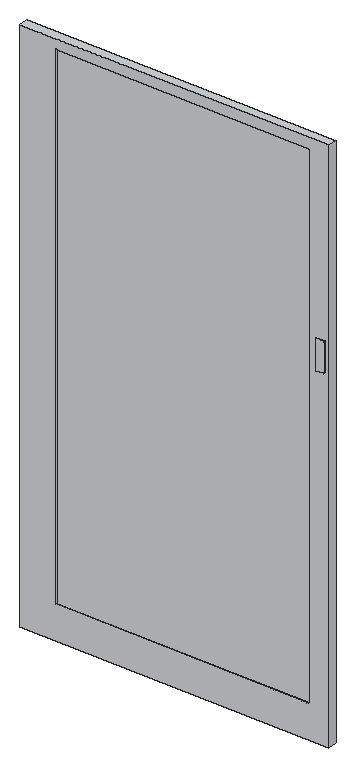
Revit family "Door-Slider-Pocket-Fleetwood-3070-PX", category Doors, host Wall, Revit 2013
Parameters (values of type "Pocket Panel 3.5"SL Right Archetype Narrow")
  Top_Rail = if(Bottom_Rail_As_Top, 5.14844", 1.46094")  # 1.46094"
  Stile_Condition = 6
  Sightline_Extender_Condition = 0
  Right_Stile = if(or(Archetype_Stile, Archetype_Inactive_Panel), 3.9688", if(or(Archetype_Narrow_Inactive_Panel, Archetype_Narrow_Stile), 2.9102", if(Narrow_Fixed_Stile, 1.0195", if(Stile_Condition = 10, 5.464", 2.074"))))  # 2.9102"
  Panel_Width [instance] = 48"
  Panel_Height [instance] = 84"
  Panel_Finish [instance] = none
  Narrow_Fixed_Stile = Stile_Condition = 3  # no
  Model = ""
  Manufacturer = "Fleetwood Windows And Doors"
  Left_Stile = if([1_Sightline_Extender], 3.0742", if([2.5_Sightline_Extender], 4.5742", if([3.5_Sightline_Extender], 5.5742", 2.074")))  # 5.5742"
  Hardware_Finish [instance] = none
  Glass_Width [instance] = Panel_Width - (Right_Stile + Left_Stile)  # 39.5156"
  Double_Arrow = no
  Arrow = yes
  Archetype_Narrow_Inactive_Panel = Stile_Condition = 9  # no
  Archetype_Narrow_Hardware_L = Stile_Condition = 7  # no
  Archetype_Narrow_Hardware = yes
  Archetype_Inactive_Panel = Stile_Condition = 8  # no
  Archetype_Flush_Pulls = no
  Glazing_Material [instance] = none
  Glass_Thickness = 1"
  Description = ""
  Bottom_Rail_As_Top = no
  Bottom_Rail = 5.14844"  # constant formula
  Archetype_Narrow_Stile = or(Stile_Condition = 2, Stile_Condition = 6, Stile_Condition = 7, Stile_Condition = 9)  # yes
  Archetype_Stile = or(Stile_Condition = 1, Stile_Condition = 4, Stile_Condition = 5, Stile_Condition = 8)  # no
  Archetype_Narrow_Hardware_R = Stile_Condition = 6  # yes
  Archetype_Hardware_Right = Stile_Condition = 5  # no
  Archetype_Hardware_Left = Stile_Condition = 4  # no
  Archetype_Actuator = or(Archetype_Hardware_Right, Archetype_Hardware_Left)  # no
  Actuator_Height [instance] = 53.75"
  3.5_Sightline_Extender = yes
  2.5_Sightline_Extender = no
  1_Sightline_Extender = no
Types (26): name | Stile_Condition | Sightline_Extender_Condition | Right_Stile | Narrow_Fixed_Stile | Left_Stile | Glass_Width | Double_Arrow | Arrow | Archetype_Narrow_Inactive_Panel | Archetype_Narrow_Hardware_L | Archetype_Narrow_Hardware | Archetype_Inactive_Panel | Archetype_Flush_Pulls | Description | Archetype_Narrow_Stile | Archetype_Stile | Archetype_Narrow_Hardware_R | Archetype_Hardware_Right | Archetype_Hardware_Left | Archetype_Actuator | Actuator_Height | 3.5_Sightline_Extender | 2.5_Sightline_Extender | 1_Sightline_Extender
  Sliding Panel  Interlock and Interlock | 0 | 0 | 2.074" | no | 2.074" | 43.852" | yes | yes | no | no | no | no | no | "" | no | no | no | no | no | no | 53.75" | no | no | no
  Pocket Panel 1" Sightline Extender | 0 | 1 | 2.074" | no | 3.0742" | 42.8518" | no | yes | no | no | no | no | no | "" | no | no | no | no | no | no | 53.75" | no | no | yes
  Pocket Panel 2.5" Sightline Extender | 0 | 2 | 2.074" | no | 4.5742" | 41.3518" | no | yes | no | no | no | no | no | "" | no | no | no | no | no | no | 53.75" | no | yes | no
  Pocket Panel 3.5" Sightline Extender | 0 | 3 | 2.074" | no | 5.5742" | 40.3518" | no | yes | no | no | no | no | no | "" | no | no | no | no | no | no | 53.75" | yes | no | no
  Active Lead Panel Right Archetype | 5 | 0 | 3.9688" | no | 2.074" | 41.9572" | no | yes | no | no | no | no | yes | "Fleetwood Sliding Door Panel" | no | yes | no | yes | no | yes | 53.9375" | no | no | no
  Active Lead Panel Right Archetype Narrow | 6 | 0 | 2.9102" | no | 2.074" | 43.0158" | no | yes | no | no | yes | no | no | "" | yes | no | yes | no | no | no | 53.75" | no | no | no
  Fixed Panel Narrow Fixed Stile | 3 | 0 | 1.0195" | yes | 2.074" | 44.9065" | no | no | no | no | no | no | no | "" | no | no | no | no | no | no | 53.75" | no | no | no
  Fixed Panel Archetype Narrow Stile | 2 | 0 | 2.9102" | no | 2.074" | 43.0158" | no | no | no | no | no | no | no | "" | yes | no | no | no | no | no | 53.75" | no | no | no
  Fixed Panel Archetype Stile | 1 | 0 | 3.9688" | no | 2.074" | 41.9572" | no | no | no | no | no | no | no | "" | no | yes | no | no | no | no | 53.75" | no | no | no
  Active Lead Panel Left Archetype | 4 | 0 | 3.9688" | no | 2.074" | 41.9572" | no | yes | no | no | no | no | yes | "" | no | yes | no | no | yes | yes | 53.9375" | no | no | no
  Active Lead Panel Left Archetype Narrow | 7 | 0 | 2.9102" | no | 2.074" | 43.0158" | no | yes | no | yes | yes | no | no | "" | yes | no | no | no | no | no | 53.75" | no | no | no
  Archetype_Inactive_Panel | 8 | 0 | 3.9688" | no | 2.074" | 41.9572" | no | yes | no | no | no | yes | yes | "" | no | yes | no | no | no | no | 53.75" | no | no | no
  Archetype_Narrow_Inactive_Panel | 9 | 0 | 2.9102" | no | 2.074" | 43.0158" | no | yes | yes | no | yes | no | no | "" | yes | no | no | no | no | no | 53.75" | no | no | no
  Archetype_90_Degree_Stile | 10 | 0 | 5.464" | no | 2.074" | 40.462" | no | yes | no | no | no | no | yes | "" | no | no | no | no | no | no | 53.75" | no | no | no
  Pocket_Panel_1"SL_Left_Archetype | 4 | 0 | 3.9688" | no | 3.0742" | 40.957" | no | yes | no | no | no | no | yes | "" | no | yes | no | no | yes | yes | 53.9375" | no | no | yes
  Pocket_Panel_2.5"SL_Left Archetype | 4 | 0 | 3.9688" | no | 4.5742" | 39.457" | no | yes | no | no | no | no | yes | "" | no | yes | no | no | yes | yes | 53.9375" | no | yes | no
  Pocket_Panel_3.5"SL_Left_Archetype | 4 | 0 | 3.9688" | no | 5.5742" | 38.457" | no | yes | no | no | no | no | yes | "" | no | yes | no | no | yes | yes | 53.9375" | yes | no | no
  Pocket_Panel 1"SL Left Archetype Narrow | 7 | 0 | 2.9102" | no | 3.0742" | 42.0156" | no | yes | no | yes | yes | no | no | "" | yes | no | no | no | no | no | 53.75" | no | no | yes
  Pocket_Panel_2.5"SL Left Archetype Narrow | 7 | 0 | 2.9102" | no | 4.5742" | 40.5156" | no | yes | no | yes | yes | no | no | "" | yes | no | no | no | no | no | 53.75" | no | yes | no
  Pocket_Panel_3.5"SL Left Archetype Narrow | 7 | 0 | 2.9102" | no | 5.5742" | 39.5156" | no | yes | no | yes | yes | no | no | "" | yes | no | no | no | no | no | 53.75" | yes | no | no
  Pocket Panel 1"SL Right Archetype | 5 | 0 | 3.9688" | no | 3.0742" | 40.957" | no | yes | no | no | no | no | yes | "Fleetwood Sliding Door Panel" | no | yes | no | yes | no | yes | 53.9375" | no | no | yes
  Pocket Panel 2.5"SL Right Archetype | 5 | 0 | 3.9688" | no | 4.5742" | 39.457" | no | yes | no | no | no | no | yes | "Fleetwood Sliding Door Panel" | no | yes | no | yes | no | yes | 53.9375" | no | yes | no
  Pocket Panel 3.5 SL Right Archetype | 5 | 0 | 3.9688" | no | 5.5742" | 38.457" | no | yes | no | no | no | no | yes | "Fleetwood Sliding Door Panel" | no | yes | no | yes | no | yes | 53.9375" | yes | no | no
  Pocket Panel 1"SL Right Archetype Narrow | 6 | 0 | 2.9102" | no | 3.0742" | 42.0156" | no | yes | no | no | yes | no | no | "" | yes | no | yes | no | no | no | 53.75" | no | no | yes
  Pocket Panel 2.5" SL Right Archetype Narrow | 6 | 0 | 2.9102" | no | 4.5742" | 40.5156" | no | yes | no | no | yes | no | no | "" | yes | no | yes | no | no | no | 53.75" | no | yes | no
  Pocket Panel 3.5"SL Right Archetype Narrow | 6 | 0 | 2.9102" | no | 5.5742" | 39.5156" | no | yes | no | no | yes | no | no | "" | yes | no | yes | no | no | no | 53.75" | yes | no | no
Reference planes (in)
  plane 1 "Center (Front/Back)": y = 0
  plane 2: z = 0
  plane 3 "Center (Left/Right)": x = 0
  plane 4: y = -0.71484
  plane 5: y = 0.71484
  plane 6: x = -24
  plane 7: x = 24
  plane 8: z = 84
  plane 9: z = 5.14844
  plane 10: z = 82.53906
  plane 11: x = 21.0898
  plane 12: x = -18.4258
  plane 13: y = 0.5
  plane 14: y = -0.5
  plane 15: z = 53.75
  plane 16: x = 23.3198
  plane 17: y = 0
  plane 18: x = 22.74609
  plane 19: x = -22.96289
  plane 20: z = 42
  plane 21: x = -6
  plane 22: x = 6
  plane 23: x = -2
  plane 24: x = 2
Forms (in)
  Extrusion 1, solid, material <- "Panel_Finish"
    sketch origin (0, 0, 0) x (1, 0, 0) y (0, 0, 1)
      loop
        line (24, 84) -> (-24, 84) -> (-24, 0) -> (24, 0) -> (24, 84)
      loop
        line (-18.4258, 5.14844) -> (21.0898, 5.14844) -> (21.0898, 82.53906) -> (-18.4258, 82.53906) -> (-18.4258, 5.14844)
    from -0.71484 to 0.71484
  Extrusion 2, solid, material <- "Glazing_Material"
    sketch origin (0, 0, 0) x (1, 0, 0) y (0, 0, 1)
      loop
        line (-18.4258, 82.53906) -> (-18.4258, 5.14844) -> (21.0898, 5.14844) -> (21.0898, 82.53906) -> (-18.4258, 82.53906)
    from -0.5 to 0.5
Lines and regions (in)
  Masking region 1
    outline origin (0, 0, 0) x (1, 0, 0) y (0, 1, 0)
      loop
        line (-24, 0.71484) -> (-24, -0.71484) -> (24, -0.71484) -> (24, 0.71484) -> (-24, 0.71484)
  symbolic lines, visible <- "Arrow"
    curve 1: line (6, -0.71484, 42) -> (-6, -0.71484, 42)
    curve 2: line (-2, -0.71484, 40) -> (-6, -0.71484, 42)
    curve 3: line (-2, -0.71484, 44) -> (-6, -0.71484, 42)
  symbolic lines, visible <- "Double_Arrow"
    curve 4: line (2, -0.71484, 40) -> (6, -0.71484, 42)
    curve 5: line (2, -0.71484, 44) -> (6, -0.71484, 42)
Dimensions and locks (in)
  equal spacing: plane 4, plane 1 "Center (Front/Back)", plane 5
  locked: plane 4 to plane 5 at 1.42969
  equal spacing: plane 6, plane 3 "Center (Left/Right)", plane 7
  "Panel_Width": plane 6 to plane 7
  "Panel_Height": plane 8 to plane 2
  "Bottom_Rail": plane 9 to level
  "Right_Stile": plane 7 to plane 11
  "Left_Stile": plane 12 to plane 6
  "Top_Rail": plane 8 to plane 10
  equal spacing: plane 14, plane 1 "Center (Front/Back)", plane 13
  "Glass_Thickness": plane 14 to plane 13
  "Actuator_Height": plane 15 to level
  locked: plane 18 to plane 7 at 1.25391
  locked: plane 6 to plane 19 at 1.03711
  equal spacing: plane 8, plane 20, level
  plane 22 to plane 3 "Center (Left/Right)" to plane 21 = 6" locked, 6" locked
  locked: plane 23 to plane 21 at 4
  locked: plane 22 to plane 24 at 4
  curve 3 to plane 20 to curve 2 = 2" locked, 2" locked
  locked: plane 15 to nested 1 at 5
  locked: plane 16 to plane 11 at 2.23
  aligned and locked: plane 2 to level
  aligned and locked: plane 8 to Extrusion 1 sketch curve
  aligned and locked: plane 7 to Extrusion 1 sketch curve
  aligned and locked: Extrusion 1 sketch curve to plane 2
  aligned and locked: Extrusion 1 sketch curve to plane 6
  aligned and locked: Extrusion 1 sketch curve to plane 12
  aligned and locked: plane 10 to Extrusion 1 sketch curve
  aligned and locked: plane 11 to Extrusion 1 sketch curve
  aligned and locked: Extrusion 1 sketch curve to plane 9
  aligned and locked: Extrusion 1 to plane 5
  aligned and locked: plane 4 to Extrusion 1
  aligned and locked: Extrusion 2 sketch curve to plane 10
  aligned and locked: plane 12 to Extrusion 2 sketch curve
  aligned and locked: plane 9 to Extrusion 2 sketch curve
  aligned and locked: Extrusion 2 sketch curve to plane 11
  aligned and locked: Extrusion 2 to plane 13
  aligned and locked: plane 14 to Extrusion 2
  aligned and locked: plane 1 "Center (Front/Back)" to nested 1
  aligned and locked: plane 16 to nested 1
  aligned and locked: plane 15 to nested 2
  aligned and locked: plane 18 to nested 2
  aligned and locked: plane 1 "Center (Front/Back)" to nested 2
  aligned and locked: plane 5 to Masking region 1 sketch curve
  aligned and locked: plane 6 to Masking region 1 sketch curve
  aligned and locked: Masking region 1 sketch curve to plane 4
  aligned and locked: Masking region 1 sketch curve to plane 7
  aligned and locked: plane 21 to curve 2
  aligned and locked: curve 1 to curve 2
  aligned and locked: plane 20 to curve 1
  aligned and locked: plane 24 to curve 5
  aligned and locked: plane 24 to curve 4
  aligned and locked: plane 22 to curve 5
  aligned and locked: nested 3 to plane 15
  aligned and locked: plane 16 to nested 3
  aligned and locked: nested 3 to plane 1 "Center (Front/Back)"
  aligned and locked: nested 4 to plane 1 "Center (Front/Back)"
  aligned and locked: nested 4 to plane 16
  aligned and locked: plane 15 to nested 4
Automatic sketch dimensions
  curve 2 to plane 23 = 0"
  curve 3 to plane 23 = 0"
  curve 4 to plane 20 = 2"
  plane 20 to curve 5 = 2"
Nested families (in)
  nested 1: "Archetype_Flush_Pulls" at (23.3198, 0, 42.25), Finish <- "Hardware_Finish", visible <- "Archetype_Flush_Pulls", type "Archetype_Flush_Pulls"
    with Finish none
  nested 2: "Archetype_Narrow_Hardware" at (22.74609, 0, 53.75), Finish <- "Hardware_Finish", Left <- "Archetype_Narrow_Hardware_L", visible <- "Archetype_Narrow_Hardware", Right <- "Archetype_Narrow_Hardware_R", type "Archetype_Narrow_Hardware", detail levels fine
    with Right yes, Pulls_Only no, Left no, Finish none
  nested 3: "Archetype_Actuator" at (23.3198, 0, 53.75) x (1, 0, 0) z (0, -1, 0), Finish <- "Hardware_Finish", visible <- "Archetype_Hardware_Left", type "Archetype_Actuator", detail levels fine
    with Finish none
  nested 4: "Archetype_Actuator" at (23.3198, 0, 53.75) x (1, 0, 0) z (0, 1, 0), Finish <- "Hardware_Finish", visible <- "Archetype_Hardware_Right", type "Archetype_Actuator", detail levels fine
    with Finish none
Definition of nested family "Archetype_Flush_Pulls"
  Parameters (values of type "Archetype_Flush_Pulls")
    Finish [instance] = none
  Reference planes (in)
    plane 1 "Center (Front/Back)": y = 0
    plane 2: z = 0
    plane 3 "Center (Left/Right)": x = 0
    plane 4: z = 6.5
    plane 5: z = 0.27344
    plane 6: z = 3.07422
    plane 7: y = -0.80469
    plane 8: y = 0.80469
    plane 9: y = -0.80469
    plane 10: x = 1.1875
    plane 11: x = -1.1875
    plane 12: x = 0.91406
    plane 13: x = -0.91406
    plane 14 "ext": y = -0.80469
    plane 15 "int": y = 0.80469
    plane 16: z = 6.21875
    plane 17: z = 3.35547
  Forms (in)
    Extrusion 1, solid, material <- "Finish", detail levels fine
      sketch origin (0, 0, 0) x (1, 0, 0) y (0, 0, 1)
        loop
          arc (-0.9375, 6.5) -> (-1.11428, 6.42678) -> (-1.1875, 6.25) r 0.25
          line (-1.1875, 6.25) -> (-1.1875, 0.25)
          arc (-1.1875, 0.25) -> (-1.11428, 0.07322) -> (-0.9375, 0) r 0.25
          line (-0.9375, 0) -> (0.9375, 0)
          arc (0.9375, 0) -> (1.11428, 0.07322) -> (1.1875, 0.25) r 0.25
          line (1.1875, 0.25) -> (1.1875, 6.25)
          arc (1.1875, 6.25) -> (1.11428, 6.42678) -> (0.9375, 6.5) r 0.25
          line (0.9375, 6.5) -> (-0.9375, 6.5)
      from -0.80469 to 0.80469
    Extrusion 2, void
      sketch origin (0, -0.80469, 0) x (-1, 0, 0) y (0, 0, 1)
        loop
          line (0.78906, 3.07422) -> (-0.78906, 3.07422)
          arc (-0.78906, 3.07422) -> (-0.87745, 3.03761) -> (-0.91406, 2.94922) r 0.125
          line (-0.91406, 2.94922) -> (-0.91406, 0.39844)
          arc (-0.91406, 0.39844) -> (-0.87745, 0.31005) -> (-0.78906, 0.27344) r 0.125
          line (-0.78906, 0.27344) -> (0.78906, 0.27344)
          arc (0.78906, 0.27344) -> (0.87745, 0.31005) -> (0.91406, 0.39844) r 0.125
          line (0.91406, 0.39844) -> (0.91406, 2.94922)
          arc (0.91406, 2.94922) -> (0.87745, 3.03761) -> (0.78906, 3.07422) r 0.125
      from 0 to 1
    Extrusion 3, void
      sketch origin (0, 0.80469, 0) x (-1, 0, 0) y (0, 0, 1)
        loop
          arc (-0.78906, 6.21875) -> (-0.87745, 6.18214) -> (-0.91406, 6.09375) r 0.125
          line (-0.91406, 6.09375) -> (-0.91406, 3.48047)
          arc (-0.91406, 3.48047) -> (-0.87745, 3.39208) -> (-0.78906, 3.35547) r 0.125
          line (-0.78906, 3.35547) -> (0.78906, 3.35547)
          arc (0.78906, 3.35547) -> (0.87745, 3.39208) -> (0.91406, 3.48047) r 0.125
          line (0.91406, 3.48047) -> (0.91406, 6.09375)
          arc (0.91406, 6.09375) -> (0.87745, 6.18214) -> (0.78906, 6.21875) r 0.125
          line (0.78906, 6.21875) -> (-0.78906, 6.21875)
      from 0 to -1
  Cuts and joins
    Extrusion 2, Extrusion 3 cuts Extrusion 1
  Dimensions and locks (in)
    locked: plane 4 to level at 6.5
    locked: plane 11 to plane 10 at 2.375
    locked: plane 12 to plane 10 at 0.27344
    locked: plane 11 to plane 13 at 0.27344
    locked: plane 6 to plane 5 at 2.80078
    equal spacing: plane 15 "int", plane 1 "Center (Front/Back)", plane 14 "ext"
    locked: plane 15 "int" to plane 14 "ext" at 1.60938
    locked: plane 5 to level at 0.27344
    locked: plane 4 to plane 16 at 0.28125
    locked: plane 17 to plane 6 at 0.28125
    aligned and locked: plane 2 to level
    aligned and locked: Extrusion 2 sketch curve to plane 6
    aligned and locked: plane 12 to Extrusion 2 sketch curve
    aligned and locked: plane 5 to Extrusion 2 sketch curve
    aligned and locked: Extrusion 2 sketch curve to plane 13
    aligned and locked: plane 12 to Extrusion 3 sketch curve
    aligned and locked: Extrusion 3 sketch curve to plane 16
    aligned and locked: Extrusion 3 sketch curve to plane 13
    aligned and locked: plane 17 to Extrusion 3 sketch curve
  Automatic sketch dimensions
    plane 11 to Extrusion 1 sketch curve = 0"
    Extrusion 1 sketch curve to level = 0"
    Extrusion 1 sketch curve to plane 4 = 0"
    plane 10 to Extrusion 1 sketch curve = 0"
    Extrusion 1 sketch curve to plane 5 = 0.02344"
    plane 13 to Extrusion 1 sketch curve = 0.02344"
    Extrusion 1 sketch curve to plane 12 = 0.02344"  (x2)
    plane 12 to Extrusion 2 sketch curve = 0.125"  (x2)
    Extrusion 2 sketch curve to plane 13 = 0.125"  (x2)
    plane 12 to Extrusion 3 sketch curve = 0.125"  (x2)
    Extrusion 3 sketch curve to plane 13 = 0.125"  (x2)
Definition of nested family "Archetype_Narrow_Hardware"
  Parameters (values of type "Archetype_Narrow_Hardware")
    Right [instance] = no
    Pulls_Only [instance] = if(or(Right, Left), 1 > 2, 1 < 2)  # yes
    Left [instance] = no
    Finish [instance] = none
  Reference planes (in)
    plane 1 "Center (Front/Back)": y = 0
    plane 2 "Actuator_Height": z = 0
    plane 3 "Center (Left/Right)": x = 0
    plane 4 "ext": y = 0.78906
    plane 5 "int": y = -0.78906
    plane 6: x = -0.6875
    plane 7: x = 0.6875
    plane 8: z = -1.75
    plane 9: z = 2.8125
    plane 10: z = 2.60547
    plane 11: x = 0.48047
    plane 12: x = -0.48047
    plane 13: z = -1.54297
    plane 14: z = 0.1875
    plane 15: z = -0.1875
    plane 16: z = 1.32031
    plane 17: z = 0
  Forms (in)
    Extrusion 1, solid, material <- "Finish", detail levels fine
      sketch origin (0, 0, 0) x (1, 0, 0) y (0, 0, 1)
        loop
          arc (-0.5625, 2.8125) -> (-0.65089, 2.77589) -> (-0.6875, 2.6875) r 0.125
          line (-0.6875, 2.6875) -> (-0.6875, -1.625)
          arc (-0.6875, -1.625) -> (-0.65089, -1.71339) -> (-0.5625, -1.75) r 0.125
          line (-0.5625, -1.75) -> (0.5625, -1.75)
          arc (0.5625, -1.75) -> (0.65089, -1.71339) -> (0.6875, -1.625) r 0.125
          line (0.6875, -1.625) -> (0.6875, 2.6875)
          arc (0.6875, 2.6875) -> (0.65089, 2.77589) -> (0.5625, 2.8125) r 0.125
          line (0.5625, 2.8125) -> (-0.5625, 2.8125)
      from -0.78906 to 0.78906
  Lines and regions (in)
    model lines, detail levels fine
      curve 1: line (0.5625, -0.78906, 2.8125) -> (-0.5625, -0.78906, 2.8125)
      curve 2: arc (0.6875, -0.78906, 2.6875) -> (0.65089, -0.78906, 2.77589) -> (0.5625, -0.78906, 2.8125) r 0.125
      curve 3: line (0.6875, -0.78906, -1.625) -> (0.6875, -0.78906, 2.6875)
      curve 4: arc (0.5625, -0.78906, -1.75) -> (0.65089, -0.78906, -1.71339) -> (0.6875, -0.78906, -1.625) r 0.125
      curve 5: line (-0.5625, -0.78906, -1.75) -> (0.5625, -0.78906, -1.75)
      curve 6: arc (-0.6875, -0.78906, -1.625) -> (-0.65089, -0.78906, -1.71339) -> (-0.5625, -0.78906, -1.75) r 0.125
      curve 7: line (-0.6875, -0.78906, 2.6875) -> (-0.6875, -0.78906, -1.625)
      curve 8: arc (-0.5625, -0.78906, 2.8125) -> (-0.65089, -0.78906, 2.77589) -> (-0.6875, -0.78906, 2.6875) r 0.125
      curve 9: line (-0.38672, -0.78906, 2.60547) -> (0.38672, -0.78906, 2.60547)
      curve 10: line (-0.48047, -0.78906, -1.44922) -> (-0.48047, -0.78906, 2.51172)
      curve 11: line (0.38672, -0.78906, -1.54297) -> (-0.38672, -0.78906, -1.54297)
      curve 12: line (0.48047, -0.78906, 2.51172) -> (0.48047, -0.78906, -1.44922)
      curve 13: arc (-0.48047, -0.78906, 2.51172) -> (-0.45301, -0.78906, 2.57801) -> (-0.38672, -0.78906, 2.60547) r 0.09375
      curve 14: arc (0.38672, -0.78906, 2.60547) -> (0.45301, -0.78906, 2.57801) -> (0.48047, -0.78906, 2.51172) r 0.09375
      curve 15: arc (0.48047, -0.78906, -1.44922) -> (0.45301, -0.78906, -1.51551) -> (0.38672, -0.78906, -1.54297) r 0.09375
      curve 16: arc (-0.38672, -0.78906, -1.54297) -> (-0.45301, -0.78906, -1.51551) -> (-0.48047, -0.78906, -1.44922) r 0.09375
      curve 17: line (0.5625, 0.78906, 2.8125) -> (-0.5625, 0.78906, 2.8125)
      curve 18: arc (0.6875, 0.78906, 2.6875) -> (0.65089, 0.78906, 2.77589) -> (0.5625, 0.78906, 2.8125) r 0.125
      curve 19: line (0.6875, 0.78906, -1.625) -> (0.6875, 0.78906, 2.6875)
      curve 20: arc (0.5625, 0.78906, -1.75) -> (0.65089, 0.78906, -1.71339) -> (0.6875, 0.78906, -1.625) r 0.125
      curve 21: line (-0.5625, 0.78906, -1.75) -> (0.5625, 0.78906, -1.75)
      curve 22: arc (-0.6875, 0.78906, -1.625) -> (-0.65089, 0.78906, -1.71339) -> (-0.5625, 0.78906, -1.75) r 0.125
      curve 23: line (-0.6875, 0.78906, 2.6875) -> (-0.6875, 0.78906, -1.625)
      curve 24: arc (-0.5625, 0.78906, 2.8125) -> (-0.65089, 0.78906, 2.77589) -> (-0.6875, 0.78906, 2.6875) r 0.125
      curve 25: line (-0.38672, 0.78906, 2.60547) -> (0.38672, 0.78906, 2.60547)
      curve 26: line (-0.48047, 0.78906, -1.44922) -> (-0.48047, 0.78906, 2.51172)
      curve 27: line (0.38672, 0.78906, -1.54297) -> (-0.38672, 0.78906, -1.54297)
      curve 28: line (0.48047, 0.78906, 2.51172) -> (0.48047, 0.78906, -1.44922)
      curve 29: arc (-0.48047, 0.78906, 2.51172) -> (-0.45301, 0.78906, 2.57801) -> (-0.38672, 0.78906, 2.60547) r 0.09375
      curve 30: arc (0.38672, 0.78906, 2.60547) -> (0.45301, 0.78906, 2.57801) -> (0.48047, 0.78906, 2.51172) r 0.09375
      curve 31: arc (0.48047, 0.78906, -1.44922) -> (0.45301, 0.78906, -1.51551) -> (0.38672, 0.78906, -1.54297) r 0.09375
      curve 32: arc (-0.38672, 0.78906, -1.54297) -> (-0.45301, 0.78906, -1.51551) -> (-0.48047, 0.78906, -1.44922) r 0.09375
    model lines, visible <- "Left", detail levels fine
      curve 33: line (0.48047, 0.78906, 1.32031) -> (-0.48047, 0.78906, 1.32031)
      curve 34: line (-0.48047, 0.78906, 0.1875) -> (0.48047, 0.78906, 0.1875)
      curve 35: line (0.48047, 0.78906, -0.1875) -> (-0.48047, 0.78906, -0.1875)
    model lines, visible <- "Right", detail levels fine
      curve 36: line (0.48047, -0.78906, 1.32031) -> (-0.48047, -0.78906, 1.32031)
      curve 37: line (-0.48047, -0.78906, 0.1875) -> (0.48047, -0.78906, 0.1875)
      curve 38: line (0.48047, -0.78906, -0.1875) -> (-0.48047, -0.78906, -0.1875)
  Dimensions and locks (in)
    equal spacing: plane 5 "int", plane 1 "Center (Front/Back)", plane 4 "ext"
    plane 5 "int" to plane 4 "ext" = 1.57812"
    equal spacing: plane 6, plane 3 "Center (Left/Right)", plane 7
    locked: plane 6 to plane 7 at 1.375
    locked: level to plane 8 at 1.75
    locked: plane 9 to level at 2.8125
    locked: plane 9 to plane 10 at 0.20703
    locked: plane 13 to plane 8 at 0.20703
    locked: plane 7 to plane 11 at 0.20703
    locked: plane 12 to plane 6 at 0.20703
    plane 15 to level to plane 14 to plane 16 = 0.1875" locked, 0.1875" locked, 1.13281" locked
    aligned and locked: plane 2 "Actuator_Height" to level
    aligned and locked: Extrusion 1 sketch curve to plane 9
    aligned and locked: Extrusion 1 sketch curve to plane 7
    aligned and locked: plane 6 to Extrusion 1 sketch curve
    aligned and locked: plane 8 to Extrusion 1 sketch curve
    aligned and locked: plane 5 "int" to Extrusion 1
    aligned and locked: Extrusion 1 to plane 4 "ext"
    aligned and locked: curve 2 to Extrusion 1
    aligned and locked: curve 4 to Extrusion 1
    aligned and locked: curve 6 to Extrusion 1
    aligned and locked: curve 8 to Extrusion 1
    aligned and locked: curve 9 to plane 10
    aligned and locked: curve 12 to plane 11
    aligned and locked: plane 13 to curve 11
    aligned and locked: plane 12 to curve 10
    aligned and locked: plane 10 to curve 25
    aligned and locked: curve 17 to plane 9
    aligned and locked: plane 8 to curve 21
    aligned and locked: curve 27 to plane 13
    aligned and locked: plane 6 to curve 23
    aligned and locked: curve 19 to plane 7
    aligned and locked: plane 11 to curve 33
    aligned and locked: plane 12 to curve 34
    aligned and locked: plane 11 to curve 35
    aligned and locked: plane 12 to curve 35
    aligned and locked: curve 33 to plane 16
    aligned and locked: plane 14 to curve 34
    aligned and locked: curve 35 to plane 15
    aligned and locked: plane 11 to curve 36
    aligned and locked: plane 12 to curve 36
    aligned and locked: plane 15 to curve 38
    aligned and locked: curve 37 to plane 14
    aligned and locked: plane 16 to curve 36
    aligned and locked: plane 2 "Actuator_Height" to plane 17
  Automatic sketch dimensions
    plane 8 to Extrusion 1 sketch curve = 0.125"
    plane 6 to Extrusion 1 sketch curve = 0.125"
    Extrusion 1 sketch curve to plane 7 = 0.125"  (x2)
    curve 21 to plane 12 = 0.08203"
    curve 19 to plane 13 = 0.08203"
    curve 17 to plane 12 = 0.08203"
    plane 12 to curve 25 = 0.09375"
    plane 12 to curve 27 = 0.09375"
    curve 27 to plane 11 = 0.09375"
    curve 25 to plane 11 = 0.09375"
    plane 11 to curve 17 = 0.08203"
    plane 12 to curve 9 = 0.09375"
    plane 13 to curve 12 = 0.09375"
    plane 12 to curve 11 = 0.09375"
    curve 9 to plane 11 = 0.09375"
Definition of nested family "Archetype_Actuator"
  Parameters (values of type "Archetype_Actuator")
    Finish [instance] = none
  Reference planes (in)
    plane 1 "Center (Front/Back)": y = 0
    plane 2: z = 0
    plane 3 "Center (Left/Right)": x = 0
    plane 4: y = 1.1875
    plane 5: y = -1.1875
    plane 6: x = -1.1875
    plane 7: x = 1.1875
    plane 8: x = 0.91016
    plane 9: x = -0.91016
    plane 10: y = 0.91016
    plane 11: y = -0.91016
  Forms (in)
    Extrusion 1, solid, material <- "Finish"
      sketch origin (0, 0, 0) x (1, 0, 0) y (0, 1, 0)
        loop
          arc (-0.9375, 1.1875) -> (-1.11428, 1.11428) -> (-1.1875, 0.9375) r 0.25
          line (-1.1875, 0.9375) -> (-1.1875, -0.9375)
          arc (-1.1875, -0.9375) -> (-1.11428, -1.11428) -> (-0.9375, -1.1875) r 0.25
          line (-0.9375, -1.1875) -> (0.9375, -1.1875)
          arc (0.9375, -1.1875) -> (1.11428, -1.11428) -> (1.1875, -0.9375) r 0.25
          line (1.1875, -0.9375) -> (1.1875, 0.9375)
          arc (1.1875, 0.9375) -> (1.11428, 1.11428) -> (0.9375, 1.1875) r 0.25
          line (0.9375, 1.1875) -> (-0.9375, 1.1875)
      from 0 to 0.80469
  Dimensions and locks (in)
    aligned and locked: plane 2 to level
Types in the file's own list only (6): name | URL | Thickness | Shim_Space | Rough Width | Rough Height | Pocket_Width | Panel_Width | Panel_1_Configuration | Model | Interior Wrap Overhang | Hardware | Glazing | Frame_&_Panel | Daylight_Opening | Centerline_Calc | Exterior Wrap Overhang | Function | Height | Wall Closure | Width | Configuration | Actuator_Height
  Archetype Narrow Hardware - 3.5" Sightline Extender | "www.fleetwoodusa.com" | 1.908 " | 0.25 " | 99.75 " | 96.25 " | 51.5 " | 49.1015 " | 3070_EX_Panel : Pocket_Panel_3.5"SL Left Archetype Narrow | "3070" | 0.375 " | Stainless Steel, Brushed | Glass | Aluminum, Anodized Clear | 48 " | 50.25 " | 0.5 " | Exterior | 96 " | By host | 99.25 " | "PX" | 53.75 "
  Archetype Hardware - 3.5" Sightline Extender | "www.fleetwoodusa.com" | 1.908 " | 0.25 " | 99.75 " | 96.25 " | 51.5 " | 49.1015 " | 3070_EX_Panel : Pocket_Panel_3.5"SL_Left_Archetype | "3070" | 0.375 " | Stainless Steel, Brushed | Glass | Aluminum, Anodized Clear | 48 " | 50.25 " | 0.5 " | Exterior | 96 " | By host | 99.25 " | "PX" | 53.75 "
  Archetype Narrow Hardware - 2.5" Sightline Extender | "www.fleetwoodusa.com" | 1.908 " | 0.25 " | 99.75 " | 96.25 " | 51.5 " | 49.1015 " | 3070_EX_Panel : Pocket_Panel_2.5"SL Left Archetype Narrow | "3070" | 0.375 " | Stainless Steel, Brushed | Glass | Aluminum, Anodized Clear | 48 " | 50.25 " | 0.5 " | Exterior | 96 " | By host | 99.25 " | "PX" | 53.75 "
  Archetype Narrow Hardware - 1" Sightline Extender | "www.fleetwoodusa.com" | 1.908 " | 0.25 " | 99.75 " | 96.25 " | 51.5 " | 49.1015 " | 3070_EX_Panel : Pocket_Panel 1"SL Left Archetype Narrow | "3070" | 0.375 " | Stainless Steel, Brushed | Glass | Aluminum, Anodized Clear | 48 " | 50.25 " | 0.5 " | Exterior | 96 " | By host | 99.25 " | "PX" | 53.75 "
  Archetype Hardware - 2.5" Sightline Extender | "www.fleetwoodusa.com" | 1.908 " | 0.25 " | 99.75 " | 96.25 " | 51.5 " | 49.1015 " | 3070_EX_Panel : Pocket_Panel_2.5"SL_Left Archetype | "3070" | 0.375 " | Stainless Steel, Brushed | Glass | Aluminum, Anodized Clear | 48 " | 50.25 " | 0.5 " | Exterior | 96 " | By host | 99.25 " | "PX" | 53.75 "
  Archetype Hardware - 1" Sightline Extender | "www.fleetwoodusa.com" | 1.908 " | 0.25 " | 99.75 " | 96.25 " | 51.5 " | 49.1015 " | 3070_EX_Panel : Pocket_Panel_1"SL_Left_Archetype | "3070" | 0.375 " | Stainless Steel, Brushed | Glass | Aluminum, Anodized Clear | 48 " | 50.25 " | 0.5 " | Exterior | 96 " | By host | 99.25 " | "PX" | 53.75 "
